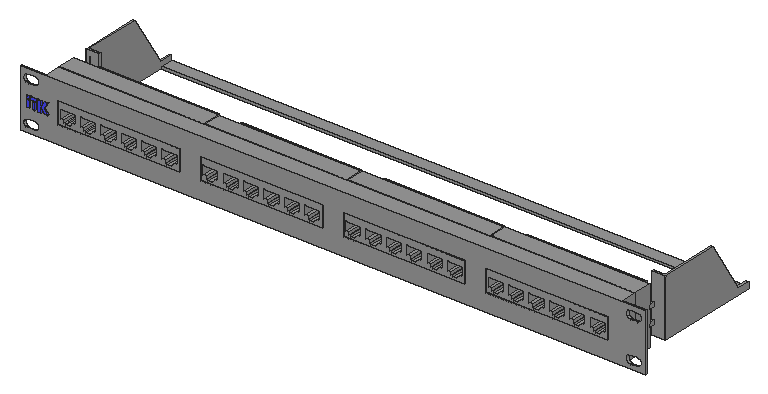
Revit family "ITK_Патч-панель_19-дюймовое крепление_1U_категория 5E с ораганайзером", category Обобщенные модели, Revit 2019
Family settings
  Может служить основой для арматурных стержней = Нет
  Размер круглого соединителя = Использовать диаметр
  Тип детали = Нормальный
  На основе рабочей плоскости = Нет
  Всегда вертикально = Да
  При загрузке вырезать с полостями = Нет
  Общий = Нет
  Точка расчета площади = Нет
Parameters (values of type "PP24-1UC5EU-D05-1")
  Ширина = 482.6 mm
  Материал = Окраска - RAL 9005
  Изготовитель = "ITK"  # constant formula
  Дата изменения = ""
  Глубина = 121 mm
  Высота = 44 mm
  URL = "https://www.iek.ru/"
  KSI_CPr_Строительные изделия = "27.12.31.61.1.04.09-1090"  # constant formula
  KSI_CMa_Строительные материалы = "10.03.02.06"  # constant formula
  IEK_Цена за единицу = 2761.66
  IEK_Поиск в таблице имен = ""
  IEK_Описание = "Соответствие международным стандартам и ГОСТ Р.\r\nДвойная понятная маркировка IDC-модулей и портов.\r\nРасширенный частотный диапазон работы.\r\nУвеличенное количество циклов включения-отключения.\r\nСовместимы со всеми 19\" шкафами и стойками ITK.\r\nПодходят для кабелей и патч-кордов диаметром 22-26 AWG всех производителей.\r\nПрименимы для сетей ISDN, 10baseT, 100baseT, 1000baseT, EIA RS 232/485, 155 Mbit ATM, Token Ring."
  IEK_URL = "https://www.itk-group.ru/produktsiya/catalog/oborudovanie_telekommunikatsionnoe/komponenty_sks_mednye/patch_paneli/patch_paneli_kat_5e/patch_paneli_kat_5e_neekranirovannye_utp/itk_1u_patch_panel_kat_5e_utp_24_porta_dual_s_kabelnym_organayzerom"
  ADSK_Примечание = ""
  ADSK_Позиция [instance] = ""
  ADSK_Наименование = "IITK 1U патч-панель кат.5E UTP 24 порта (Dual) с кабельным органайзером"
  ADSK_Материал обозначение = ""
  ADSK_Материал наименование = "Металл и АБС-пластик"  # constant formula
  ADSK_Масса = 0.82
  ADSK_Марка = ""  # constant formula
  ADSK_Код изделия = "PP24-1UC5EU-D05-1"
  ADSK_Завод-изготовитель = "IEK"  # constant formula
  ADSK_Единица измерения = "шт"  # constant formula
  ADSK_Группирование = "I. ЩИТЫ И ПУЛЬТЫ"  # constant formula
  ADSK_Версия семейства = "1.0"  # constant formula
  ADSK_Версия Revit = "2019"  # constant formula
  ADSK_URL страницы изделия = "https://www.itk-group.ru/produktsiya/catalog/oborudovanie_telekommunikatsionnoe/komponenty_sks_mednye/patch_paneli/patch_paneli_kat_5e/patch_paneli_kat_5e_neekranirovannye_utp/"
Reference planes
  plane 1 "По центру (Вперед/Назад)": y = 0
  plane 2: z = 0
  plane 3 "По центру (Влево/Вправо)": x = 0
  plane 4: y = 121
Forms (mm)
  Extrusion 1, solid, material "Окраска - RAL 9005" <- "Материал", detail levels fine
    sketch origin (0, 0, 0) x (1, 0, 0) y (0, 1, 0)
      loop
        line (222, 1.5) -> (222, 27.5) -> (-222, 27.5) -> (-222, 1.5) -> (-241, 1.5) -> (-241, 0) -> (241, 0) -> (241, 1.5) -> (222, 1.5)
    from 44 to 0
  Extrusion 2, void
    sketch origin (0, 0, 0) x (1, 0, 0) y (0, 0, 1)
      loop
        line (-222, 44) -> (-222, 0) -> (222, 0) -> (222, 44) -> (-222, 44)
      loop
        line (221.8, 43.8) -> (110.25, 43.8) -> (0.25, 43.8) -> (-110.25, 43.8) -> (-221.8, 43.8) -> (-221.8, 0.2) -> (221.8, 0.2) -> (221.8, 43.8)
    from -13.5 to -13.7
  Extrusion 3, void
    sketch origin (0, 0, 0) x (1, 0, 0) y (0, 1, 0)
      loop
        line (-110.25, 31.5) -> (-110.25, 13.5) -> (-109.457, 13.5) -> (-109.457, 31.5) -> (-110.25, 31.5)
      loop
        line (-0.25, 31.5) -> (-0.25, 13.5) -> (0.543, 13.5) -> (0.543, 31.5) -> (-0.25, 31.5)
      loop
        line (109.75, 31.5) -> (109.75, 13.5) -> (110.543, 13.5) -> (110.543, 31.5) -> (109.75, 31.5)
    from 44 to 0
  Extrusion 4, solid, material "Окраска - RAL 9005" <- "Материал", detail levels fine
    sketch origin (0, 0, 0) x (0, 1, 0) y (0, 0, 1)
      loop
        line (35.5, 35) -> (37.5, 36.155) -> (37.5, 37.845) -> (35.5, 39) -> (31, 39) -> (31, 40) -> (29.5, 40) -> (28.5, 39) -> (27.5, 40) -> (27.5, 34) -> (28.5, 35) -> (29.5, 34) -> (31, 34) -> (31, 35) -> (35.5, 35)
      loop
        line (35.5, 5) -> (37.5, 6.155) -> (37.5, 7.845) -> (35.5, 9) -> (31, 9) -> (31, 10) -> (29.5, 10) -> (28.5, 9) -> (27.5, 10) -> (27.5, 4) -> (28.5, 5) -> (29.5, 4) -> (31, 4) -> (31, 5) -> (35.5, 5)
    from -118.225 to -209.525
  Extrusion 5, solid, material "Окраска - RAL 9005" <- "Материал", detail levels fine
    sketch origin (110, 0, 0) x (0, 1, 0) y (0, 0, 1)
      loop
        line (35.5, 35) -> (37.5, 36.155) -> (37.5, 37.845) -> (35.5, 39) -> (31, 39) -> (31, 40) -> (29.5, 40) -> (28.5, 39) -> (27.5, 40) -> (27.5, 34) -> (28.5, 35) -> (29.5, 34) -> (31, 34) -> (31, 35) -> (35.5, 35)
      loop
        line (35.5, 5) -> (37.5, 6.155) -> (37.5, 7.845) -> (35.5, 9) -> (31, 9) -> (31, 10) -> (29.5, 10) -> (28.5, 9) -> (27.5, 10) -> (27.5, 4) -> (28.5, 5) -> (29.5, 4) -> (31, 4) -> (31, 5) -> (35.5, 5)
    from -118.225 to -209.525
  Extrusion 6, solid, material "Окраска - RAL 9005" <- "Материал", detail levels fine
    sketch origin (220, 0, 0) x (0, 1, 0) y (0, 0, 1)
      loop
        line (35.5, 35) -> (37.5, 36.155) -> (37.5, 37.845) -> (35.5, 39) -> (31, 39) -> (31, 40) -> (29.5, 40) -> (28.5, 39) -> (27.5, 40) -> (27.5, 34) -> (28.5, 35) -> (29.5, 34) -> (31, 34) -> (31, 35) -> (35.5, 35)
      loop
        line (35.5, 5) -> (37.5, 6.155) -> (37.5, 7.845) -> (35.5, 9) -> (31, 9) -> (31, 10) -> (29.5, 10) -> (28.5, 9) -> (27.5, 10) -> (27.5, 4) -> (28.5, 5) -> (29.5, 4) -> (31, 4) -> (31, 5) -> (35.5, 5)
    from -118.225 to -209.525
  Extrusion 7, solid, material "Окраска - RAL 9005" <- "Материал", detail levels fine
    sketch origin (330, 0, 0) x (0, 1, 0) y (0, 0, 1)
      loop
        line (35.5, 35) -> (37.5, 36.155) -> (37.5, 37.845) -> (35.5, 39) -> (31, 39) -> (31, 40) -> (29.5, 40) -> (28.5, 39) -> (27.5, 40) -> (27.5, 34) -> (28.5, 35) -> (29.5, 34) -> (31, 34) -> (31, 35) -> (35.5, 35)
      loop
        line (35.5, 5) -> (37.5, 6.155) -> (37.5, 7.845) -> (35.5, 9) -> (31, 9) -> (31, 10) -> (29.5, 10) -> (28.5, 9) -> (27.5, 10) -> (27.5, 4) -> (28.5, 5) -> (29.5, 4) -> (31, 4) -> (31, 5) -> (35.5, 5)
    from -118.225 to -209.525
  Extrusion 8, solid, material "Окраска - RAL 9005" <- "Материал", detail levels fine
    sketch origin (0, 0, 0) x (0, 1, 0) y (0, 0, 1)
      loop
        line (27.5, 17.25) -> (27.5, 14.25) -> (31.5, 14.25) -> (31.5, 17.25) -> (27.5, 17.25)
      loop
        line (27.5, 26.75) -> (31.5, 26.75) -> (31.5, 29.75) -> (27.5, 29.75) -> (27.5, 26.75)
    from 9.25 to 0.543
  Extrusion 9, solid, material "Окраска - RAL 9005" <- "Материал", detail levels fine
    sketch origin (-9.5, 0, 0) x (0, 1, 0) y (0, 0, 1)
      loop
        line (27.5, 17.25) -> (27.5, 14.25) -> (31.5, 14.25) -> (31.5, 17.25) -> (27.5, 17.25)
      loop
        line (27.5, 26.75) -> (31.5, 26.75) -> (31.5, 29.75) -> (27.5, 29.75) -> (27.5, 26.75)
    from 9.25 to 0.543
  Extrusion 10, solid, material "Окраска - RAL 9005" <- "Материал", detail levels fine
    sketch origin (-110, 0, 0) x (0, 1, 0) y (0, 0, 1)
      loop
        line (27.5, 17.25) -> (27.5, 14.25) -> (31.5, 14.25) -> (31.5, 17.25) -> (27.5, 17.25)
      loop
        line (27.5, 26.75) -> (31.5, 26.75) -> (31.5, 29.75) -> (27.5, 29.75) -> (27.5, 26.75)
    from 9.25 to 0.543
  Extrusion 11, solid, material "Окраска - RAL 9005" <- "Материал", detail levels fine
    sketch origin (-119.5, 0, 0) x (0, 1, 0) y (0, 0, 1)
      loop
        line (27.5, 17.25) -> (27.5, 14.25) -> (31.5, 14.25) -> (31.5, 17.25) -> (27.5, 17.25)
      loop
        line (27.5, 26.75) -> (31.5, 26.75) -> (31.5, 29.75) -> (27.5, 29.75) -> (27.5, 26.75)
    from 9.25 to 0.543
  Extrusion 12, solid, material "Окраска - RAL 9005" <- "Материал", detail levels fine
    sketch origin (-222.25, 0, 0) x (0, 1, 0) y (0, 0, 1)
      loop
        line (27.5, 17.25) -> (27.5, 14.25) -> (31.5, 14.25) -> (31.5, 17.25) -> (27.5, 17.25)
      loop
        line (27.5, 26.75) -> (31.5, 26.75) -> (31.5, 29.75) -> (27.5, 29.75) -> (27.5, 26.75)
    from 9.25 to 0.543
  Extrusion 13, solid, material "Окраска - RAL 9005" <- "Материал", detail levels fine
    sketch origin (110, 0, 0) x (0, 1, 0) y (0, 0, 1)
      loop
        line (27.5, 17.25) -> (27.5, 14.25) -> (31.5, 14.25) -> (31.5, 17.25) -> (27.5, 17.25)
      loop
        line (27.5, 26.75) -> (31.5, 26.75) -> (31.5, 29.75) -> (27.5, 29.75) -> (27.5, 26.75)
    from 9.25 to 0.543
  Extrusion 14, solid, material "Окраска - RAL 9005" <- "Материал", detail levels fine
    sketch origin (100.5, 0, 0) x (0, 1, 0) y (0, 0, 1)
      loop
        line (27.5, 17.25) -> (27.5, 14.25) -> (31.5, 14.25) -> (31.5, 17.25) -> (27.5, 17.25)
      loop
        line (27.5, 26.75) -> (31.5, 26.75) -> (31.5, 29.75) -> (27.5, 29.75) -> (27.5, 26.75)
    from 9.25 to 0.543
  Extrusion 15, solid, material "Окраска - RAL 9005" <- "Материал", detail levels fine
    sketch origin (212.75, 0, 0) x (0, 1, 0) y (0, 0, 1)
      loop
        line (27.5, 17.25) -> (27.5, 14.25) -> (31.5, 14.25) -> (31.5, 17.25) -> (27.5, 17.25)
      loop
        line (27.5, 26.75) -> (31.5, 26.75) -> (31.5, 29.75) -> (27.5, 29.75) -> (27.5, 26.75)
    from 9.25 to 0.543
  Extrusion 16, void
    sketch origin (0, 0, 0) x (1, 0, 0) y (0, 0, 1)
      loop
        line (-118.2, 30.05) -> (-211.8, 30.05) -> (-211.8, 13.95) -> (-118.2, 13.95) -> (-118.2, 30.05)
      loop
        line (-212, 30.25) -> (-212, 13.75) -> (-118, 13.75) -> (-118, 30.25) -> (-212, 30.25)
      loop
        arc (-229.85, 34.15) -> (-227.481, 35.131) -> (-226.5, 37.5) r 3.35
        arc (-226.5, 37.5) -> (-227.481, 39.869) -> (-229.85, 40.85) r 3.35
        line (-229.85, 40.85) -> (-234.65, 40.85)
        arc (-234.65, 40.85) -> (-238, 37.5) -> (-234.65, 34.15) r 3.35
        line (-234.65, 34.15) -> (-229.85, 34.15)
      loop
        arc (-234.65, 9.85) -> (-238, 6.5) -> (-234.65, 3.15) r 3.35
        line (-234.65, 3.15) -> (-229.85, 3.15)
        arc (-229.85, 3.15) -> (-227.481, 4.131) -> (-226.5, 6.5) r 3.35
        arc (-226.5, 6.5) -> (-227.481, 8.869) -> (-229.85, 9.85) r 3.35
        line (-229.85, 9.85) -> (-234.65, 9.85)
      loop
        line (-8.2, 30.05) -> (-101.8, 30.05) -> (-101.8, 13.95) -> (-8.2, 13.95) -> (-8.2, 30.05)
      loop
        line (-102, 30.25) -> (-102, 13.75) -> (-8, 13.75) -> (-8, 30.25) -> (-102, 30.25)
      loop
        line (8, 30.25) -> (8, 13.75) -> (102, 13.75) -> (102, 30.25) -> (8, 30.25)
      loop
        line (101.8, 30.05) -> (8.2, 30.05) -> (8.2, 13.95) -> (101.8, 13.95) -> (101.8, 30.05)
      loop
        line (211.8, 30.05) -> (118.2, 30.05) -> (118.2, 13.95) -> (211.8, 13.95) -> (211.8, 30.05)
      loop
        line (118, 30.25) -> (118, 13.75) -> (212, 13.75) -> (212, 30.25) -> (118, 30.25)
      loop
        arc (234.65, 34.15) -> (237.019, 35.131) -> (238, 37.5) r 3.35
        arc (238, 37.5) -> (237.019, 39.869) -> (234.65, 40.85) r 3.35
        line (234.65, 40.85) -> (229.85, 40.85)
        arc (229.85, 40.85) -> (226.5, 37.5) -> (229.85, 34.15) r 3.35
        line (229.85, 34.15) -> (234.65, 34.15)
      loop
        arc (229.85, 9.85) -> (226.5, 6.5) -> (229.85, 3.15) r 3.35
        line (229.85, 3.15) -> (234.65, 3.15)
        arc (234.65, 3.15) -> (237.019, 4.131) -> (238, 6.5) r 3.35
        arc (238, 6.5) -> (237.019, 8.869) -> (234.65, 9.85) r 3.35
        line (234.65, 9.85) -> (229.85, 9.85)
    from -2 to 0
  Extrusion 17, void
    sketch origin (0, 0, 0) x (1, 0, 0) y (0, 0, 1)
      loop
        line (-198.4, 18.25) -> (-198.4, 25.05) -> (-210.1, 25.05) -> (-210.1, 18.25) -> (-207.5, 18.25) -> (-207.5, 16.55) -> (-206.25, 16.55) -> (-206.25, 15.25) -> (-202.25, 15.25) -> (-202.25, 16.55) -> (-201, 16.55) -> (-201, 18.25) -> (-198.4, 18.25)
      loop
        line (-182.7, 25.05) -> (-194.4, 25.05) -> (-194.4, 18.25) -> (-191.8, 18.25) -> (-191.8, 16.55) -> (-190.55, 16.55) -> (-190.55, 15.25) -> (-186.55, 15.25) -> (-186.55, 16.55) -> (-185.3, 16.55) -> (-185.3, 18.25) -> (-182.7, 18.25) -> (-182.7, 25.05)
      loop
        line (-167, 25.05) -> (-178.7, 25.05) -> (-178.7, 18.25) -> (-176.1, 18.25) -> (-176.1, 16.55) -> (-174.85, 16.55) -> (-174.85, 15.25) -> (-170.85, 15.25) -> (-170.85, 16.55) -> (-169.6, 16.55) -> (-169.6, 18.25) -> (-167, 18.25) -> (-167, 25.05)
      loop
        line (-151.3, 25.05) -> (-163, 25.05) -> (-163, 18.25) -> (-160.4, 18.25) -> (-160.4, 16.55) -> (-159.15, 16.55) -> (-159.15, 15.25) -> (-155.15, 15.25) -> (-155.15, 16.55) -> (-153.9, 16.55) -> (-153.9, 18.25) -> (-151.3, 18.25) -> (-151.3, 25.05)
      loop
        line (-135.6, 25.05) -> (-147.3, 25.05) -> (-147.3, 18.25) -> (-144.7, 18.25) -> (-144.7, 16.55) -> (-143.45, 16.55) -> (-143.45, 15.25) -> (-139.45, 15.25) -> (-139.45, 16.55) -> (-138.2, 16.55) -> (-138.2, 18.25) -> (-135.6, 18.25) -> (-135.6, 25.05)
      loop
        line (-131.6, 25.05) -> (-131.6, 18.25) -> (-129, 18.25) -> (-129, 16.55) -> (-127.75, 16.55) -> (-127.75, 15.25) -> (-123.75, 15.25) -> (-123.75, 16.55) -> (-122.5, 16.55) -> (-122.5, 18.25) -> (-119.9, 18.25) -> (-119.9, 25.05) -> (-131.6, 25.05)
      loop
        line (-88.4, 25.05) -> (-100.1, 25.05) -> (-100.1, 18.25) -> (-97.5, 18.25) -> (-97.5, 16.55) -> (-96.25, 16.55) -> (-96.25, 15.25) -> (-92.25, 15.25) -> (-92.25, 16.55) -> (-91, 16.55) -> (-91, 18.25) -> (-88.4, 18.25) -> (-88.4, 25.05)
      loop
        line (-84.4, 25.05) -> (-84.4, 18.25) -> (-81.8, 18.25) -> (-81.8, 16.55) -> (-80.55, 16.55) -> (-80.55, 15.25) -> (-76.55, 15.25) -> (-76.55, 16.55) -> (-75.3, 16.55) -> (-75.3, 18.25) -> (-72.7, 18.25) -> (-72.7, 25.05) -> (-84.4, 25.05)
      loop
        line (-68.7, 25.05) -> (-68.7, 18.25) -> (-66.1, 18.25) -> (-66.1, 16.55) -> (-64.85, 16.55) -> (-64.85, 15.25) -> (-60.85, 15.25) -> (-60.85, 16.55) -> (-59.6, 16.55) -> (-59.6, 18.25) -> (-57, 18.25) -> (-57, 25.05) -> (-68.7, 25.05)
      loop
        line (-53, 25.05) -> (-53, 18.25) -> (-50.4, 18.25) -> (-50.4, 16.55) -> (-49.15, 16.55) -> (-49.15, 15.25) -> (-45.15, 15.25) -> (-45.15, 16.55) -> (-43.9, 16.55) -> (-43.9, 18.25) -> (-41.3, 18.25) -> (-41.3, 25.05) -> (-53, 25.05)
      loop
        line (-21.6, 25.05) -> (-21.6, 18.25) -> (-19, 18.25) -> (-19, 16.55) -> (-17.75, 16.55) -> (-17.75, 15.25) -> (-13.75, 15.25) -> (-13.75, 16.55) -> (-12.5, 16.55) -> (-12.5, 18.25) -> (-9.9, 18.25) -> (-9.9, 25.05) -> (-21.6, 25.05)
      loop
        line (-37.3, 25.05) -> (-37.3, 18.25) -> (-34.7, 18.25) -> (-34.7, 16.55) -> (-33.45, 16.55) -> (-33.45, 15.25) -> (-29.45, 15.25) -> (-29.45, 16.55) -> (-28.2, 16.55) -> (-28.2, 18.25) -> (-25.6, 18.25) -> (-25.6, 25.05) -> (-37.3, 25.05)
      loop
        line (9.9, 25.05) -> (9.9, 18.25) -> (12.5, 18.25) -> (12.5, 16.55) -> (13.75, 16.55) -> (13.75, 15.25) -> (17.75, 15.25) -> (17.75, 16.55) -> (19, 16.55) -> (19, 18.25) -> (21.6, 18.25) -> (21.6, 25.05) -> (9.9, 25.05)
      loop
        line (25.6, 25.05) -> (25.6, 18.25) -> (28.2, 18.25) -> (28.2, 16.55) -> (29.45, 16.55) -> (29.45, 15.25) -> (33.45, 15.25) -> (33.45, 16.55) -> (34.7, 16.55) -> (34.7, 18.25) -> (37.3, 18.25) -> (37.3, 25.05) -> (25.6, 25.05)
      loop
        line (41.3, 25.05) -> (41.3, 18.25) -> (43.9, 18.25) -> (43.9, 16.55) -> (45.15, 16.55) -> (45.15, 15.25) -> (49.15, 15.25) -> (49.15, 16.55) -> (50.4, 16.55) -> (50.4, 18.25) -> (53, 18.25) -> (53, 25.05) -> (41.3, 25.05)
      loop
        line (57, 25.05) -> (57, 18.25) -> (59.6, 18.25) -> (59.6, 16.55) -> (60.85, 16.55) -> (60.85, 15.25) -> (64.85, 15.25) -> (64.85, 16.55) -> (66.1, 16.55) -> (66.1, 18.25) -> (68.7, 18.25) -> (68.7, 25.05) -> (57, 25.05)
      loop
        line (72.7, 25.05) -> (72.7, 18.25) -> (75.3, 18.25) -> (75.3, 16.55) -> (76.55, 16.55) -> (76.55, 15.25) -> (80.55, 15.25) -> (80.55, 16.55) -> (81.8, 16.55) -> (81.8, 18.25) -> (84.4, 18.25) -> (84.4, 25.05) -> (72.7, 25.05)
      loop
        line (88.4, 25.05) -> (88.4, 18.25) -> (91, 18.25) -> (91, 16.55) -> (92.25, 16.55) -> (92.25, 15.25) -> (96.25, 15.25) -> (96.25, 16.55) -> (97.5, 16.55) -> (97.5, 18.25) -> (100.1, 18.25) -> (100.1, 25.05) -> (88.4, 25.05)
      loop
        line (119.9, 25.05) -> (119.9, 18.25) -> (122.5, 18.25) -> (122.5, 16.55) -> (123.75, 16.55) -> (123.75, 15.25) -> (127.75, 15.25) -> (127.75, 16.55) -> (129, 16.55) -> (129, 18.25) -> (131.6, 18.25) -> (131.6, 25.05) -> (119.9, 25.05)
      loop
        line (135.6, 25.05) -> (135.6, 18.25) -> (138.2, 18.25) -> (138.2, 16.55) -> (139.45, 16.55) -> (139.45, 15.25) -> (143.45, 15.25) -> (143.45, 16.55) -> (144.7, 16.55) -> (144.7, 18.25) -> (147.3, 18.25) -> (147.3, 25.05) -> (135.6, 25.05)
      loop
        line (151.3, 25.05) -> (151.3, 18.25) -> (153.9, 18.25) -> (153.9, 16.55) -> (155.15, 16.55) -> (155.15, 15.25) -> (159.15, 15.25) -> (159.15, 16.55) -> (160.4, 16.55) -> (160.4, 18.25) -> (163, 18.25) -> (163, 25.05) -> (151.3, 25.05)
      loop
        line (167, 25.05) -> (167, 18.25) -> (169.6, 18.25) -> (169.6, 16.55) -> (170.85, 16.55) -> (170.85, 15.25) -> (174.85, 15.25) -> (174.85, 16.55) -> (176.1, 16.55) -> (176.1, 18.25) -> (178.7, 18.25) -> (178.7, 25.05) -> (167, 25.05)
      loop
        line (182.7, 25.05) -> (182.7, 18.25) -> (185.3, 18.25) -> (185.3, 16.55) -> (186.55, 16.55) -> (186.55, 15.25) -> (190.55, 15.25) -> (190.55, 16.55) -> (191.8, 16.55) -> (191.8, 18.25) -> (194.4, 18.25) -> (194.4, 25.05) -> (182.7, 25.05)
      loop
        line (198.4, 25.05) -> (198.4, 18.25) -> (201, 18.25) -> (201, 16.55) -> (202.25, 16.55) -> (202.25, 15.25) -> (206.25, 15.25) -> (206.25, 16.55) -> (207.5, 16.55) -> (207.5, 18.25) -> (210.1, 18.25) -> (210.1, 25.05) -> (198.4, 25.05)
    from -20 to 0
  Extrusion 18, solid, material "Пластик белый", detail levels fine
    sketch origin (-228.299, 0, 17.715) x (1, 0, 0) y (0, 0, 1)
      loop
        line (-7.624, 5.29) -> (-7.624, 0) -> (-5.312, 0) -> (-5.312, 5.29) -> (-7.624, 5.29)
      loop
        line (-0.808, 5.29) -> (-2.986, 5.29) -> (-2.986, 0) -> (-0.808, 0) -> (-0.808, 5.29)
      loop
        line (-7.624, 6.027) -> (-5.312, 6.027) -> (-5.312, 8.272) -> (-7.624, 8.272) -> (-7.624, 6.027)
      loop
        line (1.567, 8.272) -> (1.567, 0) -> (3.747, 0) -> (3.747, 3.101) -> (4.58, 3.101) -> (6.594, 0) -> (9.251, 0) -> (6.241, 4.142) -> (9.251, 8.272) -> (6.594, 8.272) -> (4.58, 5.17) -> (3.747, 5.17) -> (3.747, 8.272) -> (1.567, 8.272)
      loop
        line (-4.24, 6.027) -> (0.447, 6.027) -> (0.447, 8.272) -> (-4.24, 8.272) -> (-4.24, 6.027)
    from 0 to 0.554
  Extrusion 19, solid, detail levels coarse+medium
    sketch origin (0, 0, 0) x (1, 0, 0) y (0, 1, 0)
      loop
        line (-241, 0) -> (241, 0) -> (241, 121) -> (-241, 121) -> (-241, 0)
    from 44 <- "Высота" to 0
  Extrusion 20, solid, material "Окраска - RAL 9005" <- "Материал", detail levels fine
    sketch origin (0, 0, 0) x (1, 0, 0) y (0, 1, 0)
      loop
        line (-221.707, 111.5) -> (222, 111.5) -> (222, 121) -> (-221.707, 121) -> (-221.707, 111.5)
    from 0 to 1.6
  Extrusion 21, solid, material "Окраска - RAL 9005" <- "Материал", detail levels fine
    sketch origin (0, -10.5, 0) x (1, 0, 0) y (0, 1, 0)
      loop
        line (-221.707, 131.5) -> (-223.307, 131.5) -> (-223.307, 52.139)
        arc (-223.307, 52.139) -> (-223.119, 51.687) -> (-222.667, 51.5) r 0.639
        line (-222.667, 51.5) -> (-213.307, 51.5) -> (-213.307, 53.104) -> (-221.067, 53.104)
        arc (-221.067, 53.104) -> (-221.519, 53.291) -> (-221.707, 53.744) r 0.64
        line (-221.707, 53.744) -> (-221.707, 131.5)
      loop
        line (221.707, 131.5) -> (221.707, 53.744)
        arc (221.707, 53.744) -> (221.519, 53.291) -> (221.067, 53.104) r 0.64
        line (221.067, 53.104) -> (213.307, 53.104) -> (213.307, 51.5) -> (222.667, 51.5)
        arc (222.667, 51.5) -> (223.119, 51.687) -> (223.307, 52.139) r 0.639
        line (223.307, 52.139) -> (223.307, 131.5) -> (221.707, 131.5)
    from 0 to 44 <- "Высота"
  Extrusion 22, void
    sketch origin (0, -10.5, 0) x (0, 1, 0) y (0, 0, 1)
      loop
        line (131.5, 5) -> (131.5, 44) -> (97.13, 44) -> (121.5, 5) -> (131.5, 5)
    from -223.307 to 223.307
Cuts and joins
  Extrusion 2, Extrusion 3, Extrusion 16, Extrusion 17 cuts Extrusion 1
  Extrusion 22 cuts Extrusion 21
Dimensions and locks
  plane 1 "По центру (Вперед/Назад)" to plane 4 = 121 mm
  aligned and locked: level to plane 2
